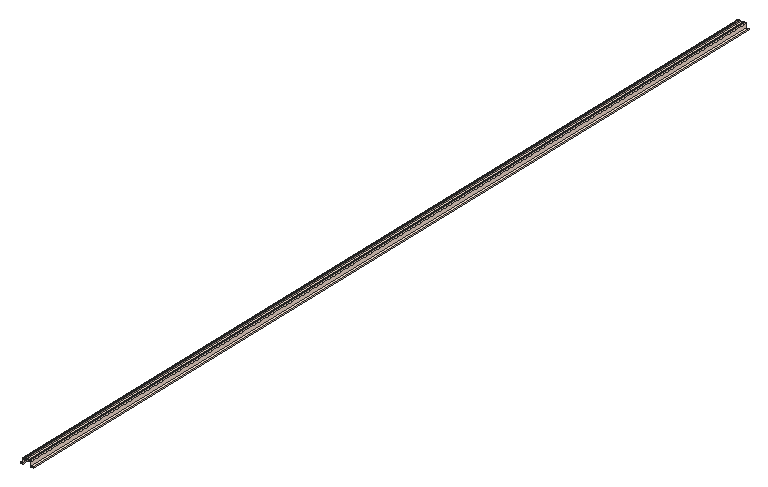
Revit family "根太鋼", category 機械設備, Revit 2020
Family settings
  丸型コネクタ寸法 = 直径を使用
  種別 = なし
  パーツ タイプ = 標準
  作業面ベース = いいえ
  常に垂直 = はい
  ロード時にボイドで切り取り = いいえ
  共有 = いいえ
  部屋計算ポイント = いいえ
Parameters
  製造元 = "株式会社桐井製作所"
  既定の高さ = 0 mm
  URL = "https://www.kirii.co.jp/"
  K_表面処理 = "Z12以上"
  K_材質 = "溶融亜鉛めっき鋼板及び鋼帯及び鋼帯 JIS G 3302"
  K_名称 = "根太鋼"
  K_単位質量(kg/m) = 6.858
  K_バージョン情報 = "20221219"
Reference planes
  plane 1 "中心(正面/背面)": y = 0
  plane 2: z = 0
  plane 3 "中心(左/右)": x = 0
Forms (mm)
  Extrusion 1, solid
    sketch origin (0, 0, 0) x (1, 0, 0) y (0, 0, 1)
      loop
        line (-9.4, 28.8) -> (9.4, 28.8) -> (11.5, 26) -> (13.6, 28.8) -> (20.1, 28.8)
        arc (20.1, 28.8) -> (20.949, 28.449) -> (21.3, 27.6) r 1.2
        line (21.3, 27.6) -> (21.3, 2.4)
        arc (21.3, 2.4) -> (22.003, 0.703) -> (23.7, 0) r 2.4
        line (23.7, 0) -> (39.3, 0) -> (39.3, 1.2) -> (23.7, 1.2)
        arc (23.7, 1.2) -> (22.852, 1.551) -> (22.5, 2.4) r 1.2
        line (22.5, 2.4) -> (22.5, 27.6)
        arc (22.5, 27.6) -> (21.797, 29.297) -> (20.1, 30) r 2.4
        line (20.1, 30) -> (13, 30) -> (11.5, 28) -> (10, 30) -> (-10, 30) -> (-11.5, 28) -> (-13, 30) -> (-20.1, 30)
        arc (-20.1, 30) -> (-21.797, 29.297) -> (-22.5, 27.6) r 2.4
        line (-22.5, 27.6) -> (-22.5, 2.4)
        arc (-22.5, 2.4) -> (-22.852, 1.551) -> (-23.7, 1.2) r 1.2
        line (-23.7, 1.2) -> (-39.3, 1.2) -> (-39.3, 0) -> (-23.7, 0)
        arc (-23.7, 0) -> (-22.003, 0.703) -> (-21.3, 2.4) r 2.4
        line (-21.3, 2.4) -> (-21.3, 27.6)
        arc (-21.3, 27.6) -> (-20.949, 28.449) -> (-20.1, 28.8) r 1.2
        line (-20.1, 28.8) -> (-13.6, 28.8) -> (-11.5, 26) -> (-9.4, 28.8)
    from -2700 to 2700
Dimensions and locks
  aligned and locked: level to plane 2
